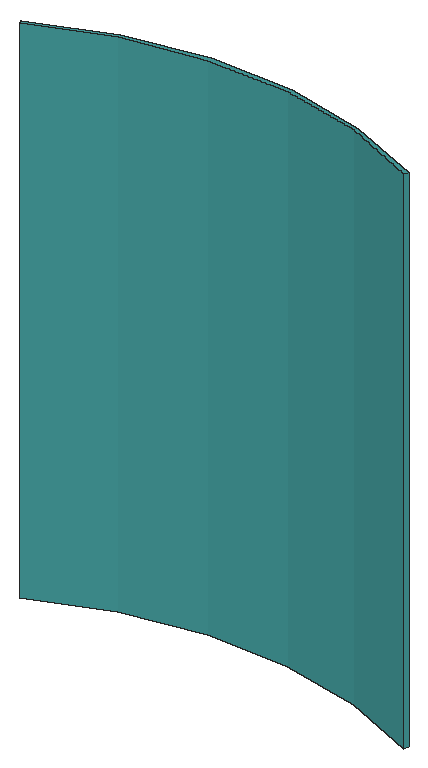
Revit family "EXP_WT-1A_CPan-013", category Curtain Panels, Revit 2021
Family settings
  OmniClass Number = 23.25.20.14.11.11.17
  OmniClass Title = Infill Panels
  Always vertical = Yes
  Cut with Voids When Loaded = Yes
  Shared = No
Parameters (values of type "R = 10'  6"")
  UI-UnitNumber [instance] = "001"
  UI-Quadrant [instance] = "SE"
  UI-ProjectAbbreviation = "NEU"
  UI-ItemCategory = "PID"
  UI-FloorNumber [instance] = "03"
  PNT-WallType = "WT1A"
  PNT-ProjectAbbreviation = "NEU"
  PNT-PanelType [instance] = "01"
  PNT-ItemCategory = "PNL"
  GlassSPH [instance] = 0' - 2 3/16"
  GlassH1 [instance] = IG-2C(Glass)
  Description = "Curve"
  Define Thermal Properties by = Schematic Type
  CellSp = 0' - 10 3/16"
  CellRayIN [instance] = CellRayEX - CellSp  # 9' - 7 13/16"
  CellRayEX = 10' - 6"
  CellLArch [instance] = 10' - 2.92782"
  CellH1 [instance] = CellH  # 13' - 1.48031"
  CellH [instance] = 13' - 1.48031"
  Analytic Construction = "<None>"
Reference planes (in)
  plane 1 "Center (Front/Back)": y = 0
  plane 2: z = 0
  plane 3 "Center (Left/Right)": x = 0
  plane 4 "Left": x = -59.05512
  plane 5 "Right": x = 59.05512
  plane 6 "Top": z = 157.48031
Forms (in)
  Extrusion 1, solid, material "IG-2C(Glass)" <- "GlassH1", detail levels coarse+medium
    sketch origin (0, 0, 0) x (1, 0, 0) y (0, 1, 0)
      loop
        line (-59.05512, 0) -> (-54.28032, -8.99925)
        arc (-54.28032, -8.99925) -> (0, 4.50889) -> (54.28032, -8.99925) r 115.8125
        line (54.28032, -8.99925) -> (59.05512, 0)
        arc (59.05512, 0) -> (0, 14.69639) -> (-59.05512, 0) r 126
    from 0 to 157.48031
Lines and regions (in)
  reference lines
    curve 1: line (59.05512, 0, 0) -> (0, -111.30361, 0)
    curve 2: line (-59.05512, 0, 0) -> (0, -111.30361, 0)
    curve 3: line (59.05512, 0, 0) -> (35.40606, 12.54764, 0)
    curve 4: line (-59.05512, 0, 0) -> (-33.31938, 13.65479, 0)
  model lines
    curve 5: arc (-59.05512, 0, 0) -> (0, 14.69639, 0) -> (59.05512, 0, 0) r 126
    curve 6: line (-59.05512, 0, 0) -> (-54.28032, -8.99925, 0)
    curve 7: line (59.05512, 0, 0) -> (54.28032, -8.99925, 0)
    curve 8: arc (54.28032, -8.99925, 0) -> (0, 4.50889, 0) -> (-54.28032, -8.99925, 0) r 115.8125
Text (in)
  text "Exterior" at (-92.59733, 55.75508, 0), in view "Ref. Level"
  text "Exterior" at (0, 90.18664, 173.49264), in view "Left"
  text "Exterior" at (0, 52.29083, 162.21847), in view "Right"
Dimensions and locks (in)
  equal spacing: plane 4 "Left", plane 3 "Center (Left/Right)", plane 5 "Right"
  "CellRayEX": curve 2 to curve 2
  "CellRayEX": curve 2 to curve 1
  "CellSp": curve 6 to curve 6
  "CellSp": curve 7 to curve 7
  "CellH": plane 2 to plane 6 "Top"
  "CellRayEX": radius of curve 5
  locked: curve 2 to curve 4 (angle 90.00°)
  locked: curve 3 to curve 1 (angle 90.00°)
  "CellLArch": arc length of Extrusion 1  (x2)
  aligned and locked: level to plane 2
  aligned and locked: curve 6 to curve 2
  aligned and locked: curve 7 to curve 1
  aligned and locked: Extrusion 1 sketch curve to curve 5
  aligned and locked: Extrusion 1 sketch curve to curve 8
  aligned and locked: Extrusion 1 sketch curve to curve 7
  aligned and locked: Extrusion 1 sketch curve to curve 6
  aligned and locked: Extrusion 1 to level
  aligned and locked: Extrusion 1 to plane 6 "Top"
  aligned and locked: plane 4 "Left" to nested 1
  aligned and locked: plane 5 "Right" to nested 1
  aligned and locked: plane 1 "Center (Front/Back)" to nested 1
  aligned and locked: nested 1 to plane 6 "Top"
  aligned and locked: plane 2 to nested 1
Automatic sketch dimensions
  plane 1 "Center (Front/Back)" to curve 2 = 0' - 0"
  curve 2 to plane 4 "Left" = 0' - 0"
  curve 2 to plane 3 "Center (Left/Right)" = 0' - 0"
  plane 1 "Center (Front/Back)" to curve 3 = 0' - 0"
  curve 5 to curve 8 = 0' - 0"
  plane 1 "Center (Front/Back)" to curve 5 = 0' - 0"
  curve 8 to plane 3 "Center (Left/Right)" = 0' - 0"
Nested families (in)
  nested 1: "EXP_WT-1x_IG-010" at (0, 0, 78.74016), GlassRayEX <- "CellRayEX", MaterialGlass <- "GlassH1", type "GlassSP = H", detail levels fine
    with MaterialGlass IG-2C(Glass), GlassSP 0' - 1.25197", GlassRayIN 10' - 4.74803", GlassRayEX 10' - 6", GlassL 9' - 8.23622", GlassH 12' - 10.6063", CellL 9' - 10.11024", CellH 13' - 1.48031"
Definition of nested family "EXP_WT-1x_IG-010"
  Parameters (values of type "GlassSP = H3")
    MaterialGlass [instance] = none
    GlassSP [instance] = 0' - 1.25197"
    GlassRayIN [instance] = GlassRayEX - GlassSP  # 17' - 10.74803"
    GlassRayEX [instance] = 18' - 0"
    GlassL [instance] = CellL - (GlassD1 + GlassD3)  # 3' - 10.94488"
    GlassH [instance] = CellH - (GlassD2 + GlassD4)  # 6' - 6.64788"
    GlassD4 = 0' - 1.43701"
    GlassD3 = 0' - 0.93701"
    GlassD2 = 0' - 0 1/2"
    GlassD1 = 0' - 0.93701"
    GMPI-ProjectAbbreviation = "NEU"
    GMPI-IteamCategory = "GLS"
    Default Elevation = 0' - 0"
    CellL [instance] = 4' - 0.8189"
    CellH [instance] = 6' - 8.58489"
  Types (5): name | GlassH | GlassD4 | GlassD2
    GlassSP = H3 | 6' - 6.64788" | 0' - 1.43701" | 0' - 0 1/2"
    GlassSP = H2(x3) | 6' - 7.83292" | 0' - 0.25197" | 0' - 0 1/2"
    GlassSP = H2(x2) | 6' - 6.64788" | 0' - 1.43701" | 0' - 0 1/2"
    GlassSP = H1 | 6' - 6.89592" | 0' - 0.25197" | 0' - 1.43701"
    GlassSP = H | 6' - 5.71088" | 0' - 1.43701" | 0' - 1.43701"
  Reference planes (in)
    plane 1 "Center (Front/Back)": y = 0
    plane 2: z = 0
    plane 3 "Center (Left/Right)": x = 0
    plane 4: z = 40.29245
    plane 5: z = -40.29245
    plane 6: z = 39.79245
    plane 7: z = -38.85544
    plane 8: x = -24.40945
    plane 9: x = 24.40945
  Forms (in)
    Extrusion 1, solid, material <- "MaterialGlass"
      sketch origin (0, 0, 0) x (1, 0, 0) y (0, 1, 0)
        loop
          line (-23.47821, 0.10387) -> (-23.33673, -1.14009)
          arc (-23.33673, -1.14009) -> (0, 0.13168) -> (23.33673, -1.14009) r 214.74803
          line (23.33673, -1.14009) -> (23.47821, 0.10387)
          arc (23.47821, 0.10387) -> (0, 1.38365) -> (-23.47821, 0.10387) r 216
      from -38.85544 to 39.79245
  Lines and regions (in)
    reference lines
      curve 1: line (-24.40945, 0, 0) -> (0, -214.61635, 0)
      curve 2: line (0, -214.61635, 0) -> (24.40945, 0, 0)
      curve 4: line (-6.33555, -150.62035, 0) -> (18.07389, -365.2367, 0)
      curve 5: line (-18.07389, -365.2367, 0) -> (6.33555, -150.62035, 0)
    model lines, not visible
      curve 3: arc (-24.40945, 0, 0) -> (0, 1.38365, 0) -> (24.40945, 0, 0) r 216
  Dimensions and locks (in)
    equal spacing: plane 4, level, plane 5
    "CellH": plane 4 to plane 5
    "GlassD2": plane 4 to plane 6
    "GlassD4": plane 7 to plane 5
    equal spacing: plane 8, plane 3 "Center (Left/Right)", plane 9
    "GlassRayEX": curve 2 to curve 2
    "GlassRayEX": curve 1 to curve 1
    "GlassD1": curve 1 to curve 4
    "GlassD3": curve 2 to curve 5
    "CellL": plane 8 to plane 9
    "GlassRayEX": radius of curve 3
    "GlassRayIN": radius of Extrusion 1 sketch curve
    aligned and locked: level to plane 2
    aligned and locked: Extrusion 1 sketch curve to curve 3
    aligned and locked: Extrusion 1 sketch curve to curve 4
    aligned and locked: curve 5 to Extrusion 1 sketch curve
    aligned and locked: plane 6 to Extrusion 1
    aligned and locked: Extrusion 1 to plane 7
  Automatic sketch dimensions
    plane 1 "Center (Front/Back)" to curve 3 = 0' - 0"  (x2)
    curve 3 to plane 8 = 0' - 0"
    curve 3 to plane 3 "Center (Left/Right)" = 0' - 0"
    plane 1 "Center (Front/Back)" to curve 1 = 0' - 0"
    curve 1 to plane 8 = 0' - 0"
    curve 2 to plane 3 "Center (Left/Right)" = 0' - 0"
    plane 1 "Center (Front/Back)" to curve 2 = 0' - 0"
    curve 5 to plane 8 = 0' - 6.33555"
    curve 4 to plane 3 "Center (Left/Right)" = 0' - 6.33555"
    plane 3 "Center (Left/Right)" to curve 5 = 0' - 6.33555"
    plane 9 to curve 4 = 0' - 6.33555"
    Extrusion 1 sketch curve to Extrusion 1 sketch curve = 0' - 0"  (x2)
